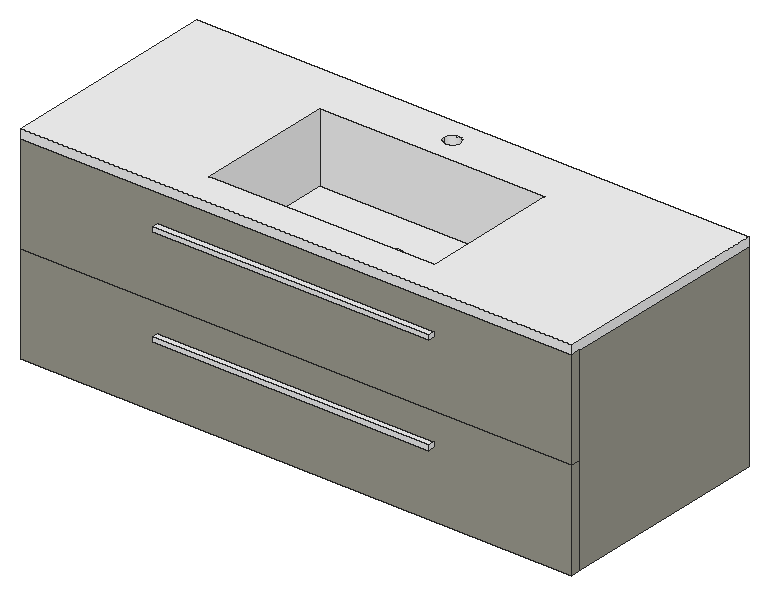
Revit family "MUEBLE SENSE 1200 BRUSHED GREY", category Generic Models, Revit 2019
Family settings
  Can host rebar = No
  Round Connector Dimension = Use Diameter
  Part Type = Normal
  Work Plane-Based = No
  Always vertical = Yes
  Cut with Voids When Loaded = No
  Shared = No
  Room Calculation Point = No
Parameters (values of type "ORANS Mueble Orlando Fume (MFC 034) 060,5cm ancho")
  URL = ""
  Profundidad receptáculo = 150 mm
  Prof lavamanos = 300 mm
  Prof borde cub trasero = 110 mm
  Model = ""
  Material tirador = Acero semi pulido
  Material frentes = BLANCO
  Material cubierta = Loza blanco brillo
  Material costados = BLANCO
  Manufacturer = ""
  Largo = 800 mm
  Largo receptáculo = if(Largo = 605 mm, 426 mm, 460 mm)  # 460 mm
  Description = ""
  Ancho tirador = 600 mm
  Ancho borde cub = 155 mm
  Ancho = 480 mm
  Amcho borde cub [instance] = 70 mm
  Alto [instance] = 450 mm
  ANCHO BORDE CUB [instance] = 70 mm
Types (12, lengths in mm): name | Prof lavamanos | Prof borde cub trasero | Material frentes | Material costados | Largo | Largo receptáculo | Ancho tirador | Ancho borde cub | Ancho | Alto
  ORANS Mueble Orlando Fume (MFC 034) 060,5cm ancho | 300 | 110 | BLANCO | BLANCO | 800 | 460 | 600 | 155 | 480 | 450
  ORANS Mueble Orlando Fume (MFC 034) 070,5cm ancho | 275 | 115 | Fume (MFC 034) horizontal | Fume (MFC 034) vertical | 705 | 460 | 250 | 70 | 465 | 570
  ORANS Mueble Orlando Fume (MFC 034) 080,5cm ancho | 275 | 115 | Fume (MFC 034) horizontal | Fume (MFC 034) vertical | 805 | 460 | 250 | 70 | 465 | 570
  ORANS Mueble Orlando Fume (MFC 034) 100,5cm ancho | 275 | 115 | Fume (MFC 034) horizontal | Fume (MFC 034) vertical | 1050 | 460 | 250 | 70 | 465 | 570
  ORANS Mueble Orlando Haya Light (MFC 030) 060,5cm ancho | 275 | 115 | Haya Light (MFC 030) horizontal | Haya Light (MFC 030) vertical | 605 | 426 | 250 | 70 | 465 | 570
  ORANS Mueble Orlando Haya Light (MFC 030) 070,5cm ancho | 275 | 115 | Haya Light (MFC 030) horizontal | Haya Light (MFC 030) vertical | 705 | 460 | 250 | 70 | 465 | 570
  ORANS Mueble Orlando Haya Light (MFC 030) 080,5cm ancho | 275 | 115 | Haya Light (MFC 030) horizontal | Haya Light (MFC 030) vertical | 805 | 460 | 250 | 70 | 465 | 570
  ORANS Mueble Orlando Haya Light (MFC 030) 100,5cm ancho | 275 | 115 | Haya Light (MFC 030) horizontal | Haya Light (MFC 030) vertical | 1050 | 460 | 250 | 70 | 465 | 570
  ORANS Mueble Orlando Oak 1 (MFC 005) 060,5cm ancho | 275 | 115 | Oak1 (MFC 005) horizontal | Oak1 (MFC 005) vertical | 605 | 426 | 250 | 70 | 465 | 570
  ORANS Mueble Orlando Oak 1 (MFC 005) 070,5cm ancho | 275 | 115 | Oak1 (MFC 005) horizontal | Oak1 (MFC 005) vertical | 705 | 460 | 250 | 70 | 465 | 570
  ORANS Mueble Orlando Oak 1 (MFC 005) 080,5cm ancho | 275 | 115 | Oak1 (MFC 005) horizontal | Oak1 (MFC 005) vertical | 805 | 460 | 250 | 70 | 465 | 570
  ORANS Mueble Orlando Oak 1 (MFC 005) 100,5cm ancho | 275 | 115 | Oak1 (MFC 005) horizontal | Oak1 (MFC 005) vertical | 1050 | 460 | 250 | 70 | 465 | 570
Reference planes
  plane 1 "Center (Front/Back)": y = 0
  plane 2: z = 0
  plane 3 "Center (Left/Right)": x = 0
  plane 4: z = 430
  plane 5: z = 450
  plane 6: z = 215
Forms (mm)
  Extrusion 1, solid, material "Loza blanco brillo" <- "Material cubierta"
    sketch origin (0, 0, 0) x (1, 0, 0) y (0, 1, 0)
      loop
        line (-600, -480) -> (600, -480) -> (600, 0) -> (-600, 0) -> (-600, -480)
      loop
        line (-245, -110) -> (-245, -410) -> (245, -410) -> (245, -110) -> (-245, -110)
      loop
        circle (0, -55) r 17.5
    from 430 to 450
  Extrusion 2, solid, material "Loza blanco brillo" <- "Material cubierta"
    sketch origin (0, 0, 0) x (1, 0, 0) y (0, 1, 0)
      loop
        line (-255, -100) -> (-255, -420) -> (255, -420) -> (255, -100) -> (-255, -100)
      loop
        circle (0, -220) r 22.5
    from 290 to 430
  Extrusion 3, void
    sketch origin (0, 0, 0) x (1, 0, 0) y (0, 1, 0)
      loop
        line (-245, -110) -> (-245, -410) -> (245, -410) -> (245, -110) -> (-245, -110)
    from 300 to 430
  Extrusion 4, solid, material "BLANCO" <- "Material costados"
    sketch origin (0, 0, 0) x (1, 0, 0) y (0, 1, 0)
      loop
        line (-600, 0) -> (-600, -460) -> (-589.693, -460) -> (-589.693, 0) -> (-600, 0)
    from 0 to 430
  Extrusion 5, solid, material "BLANCO" <- "Material costados"
    sketch origin (590, 0, 0) x (1, 0, 0) y (0, 1, 0)
      loop
        line (0, 0) -> (0, -460) -> (10, -460) -> (10, 0) -> (0, 0)
    from 0 to 430
  Extrusion 6, solid, material "BLANCO" <- "Material frentes"
    sketch origin (0, 0, 0) x (1, 0, 0) y (0, 0, 1)
      loop
        line (-600, 430) -> (-600, 215) -> (600, 215) -> (600, 430) -> (-600, 430)
    from 460 to 480
  Extrusion 7, solid, material "BLANCO" <- "Material frentes"
    sketch origin (0, 0, -200) x (1, 0, 0) y (0, 0, 1)
      loop
        line (-600, 415) -> (-600, 200) -> (600, 200) -> (600, 415) -> (-600, 415)
    from 460 to 480
  Extrusion 8, solid, material "Loza blanco brillo" <- "Material cubierta"
    sketch origin (0, 0, 0) x (1, 0, 0) y (0, 0, 1)
      loop
        line (-329.738, 300) -> (-329.738, 185) -> (335, 185) -> (335, 300) -> (-329.738, 300)
    from 450 to 460
  Extrusion 9, solid, material "Acero semi pulido"
    sketch origin (0, 0, 0) x (1, 0, 0) y (0, 0, 1)
      loop
        line (-300, 370) -> (-300, 360) -> (300, 360) -> (300, 370) -> (-300, 370)
    from 480 to 495.24
  Extrusion 10, solid, material "Acero semi pulido"
    sketch origin (0, 0, -215) x (1, 0, 0) y (0, 0, 1)
      loop
        line (-300, 370) -> (-300, 360) -> (300, 360) -> (300, 370) -> (-300, 370)
    from 480 to 495.24
  Extrusion 11, solid
    sketch origin (0, 0, 0) x (0, 1, 0) y (0, 0, 1)
      loop
        line (0, 430) -> (-20, 430) -> (-20, 20) -> (-460, 20) -> (-460, 0) -> (0, 0) -> (0, 430)
    from -589.693 to 590
Cuts and joins
  Extrusion 3 cuts Extrusion 2
  joined: Extrusion 1, Extrusion 2
Dimensions and locks
  locked: plane 5 to plane 4 at 20
  plane 5 to plane 4 = 20 mm
  "Alto": plane 5 to level
  locked: cut or joined group of Extrusion 1, Extrusion 2, Extrusion 3 to cut or joined group of Extrusion 1, Extrusion 2, Extrusion 3 at 140
  locked: cut or joined group of Extrusion 1, Extrusion 2, Extrusion 3 to cut or joined group of Extrusion 1, Extrusion 2, Extrusion 3 at 130
  equal spacing: plane 4, plane 6, level
  aligned and locked: Extrusion 1 sketch curve to plane 1 "Center (Front/Back)"
  aligned and locked: plane 5 to Extrusion 1
  aligned and locked: Extrusion 1 to plane 4
  aligned and locked: plane 4 to Extrusion 3
  aligned and locked: plane 3 "Center (Left/Right)" to Extrusion 1 sketch curve
  aligned and locked: plane 3 "Center (Left/Right)" to Extrusion 2 sketch curve
  aligned and locked: cut or joined group of Extrusion 1, Extrusion 2, Extrusion 3 to plane 1 "Center (Front/Back)"
  aligned and locked: cut or joined group of Extrusion 1, Extrusion 2, Extrusion 3 to plane 4
  aligned and locked: plane 4 to Extrusion 4
  aligned and locked: Extrusion 4 to plane 1 "Center (Front/Back)"
  aligned and locked: plane 4 to Extrusion 5
  aligned and locked: Extrusion 5 to level
  aligned and locked: Extrusion 5 to plane 4  (x2)
  aligned and locked: level to Extrusion 5  (x2)
  aligned and locked: Extrusion 4 to level
  aligned and locked: Extrusion 4 to plane 4  (x2)
  aligned and locked: plane 5 to cut or joined group of Extrusion 1, Extrusion 2, Extrusion 3
  aligned and locked: cut or joined group of Extrusion 1, Extrusion 2, Extrusion 3 to plane 5  (x2)
  aligned and locked: plane 4 to cut or joined group of Extrusion 1, Extrusion 2, Extrusion 3  (x2)
  aligned and locked: level to Extrusion 4
  aligned and locked: plane 6 to Extrusion 7
  aligned and locked: Extrusion 6 to plane 6
Automatic sketch dimensions
  plane 1 "Center (Front/Back)" to Extrusion 4 sketch curve = 0 mm
  plane 1 "Center (Front/Back)" to Extrusion 5 sketch curve = 0 mm
  Extrusion 6 sketch curve to plane 4 = 0 mm
  Extrusion 6 sketch curve to plane 6 = 0 mm
  Extrusion 7 sketch curve to level = 0 mm
  Extrusion 7 sketch curve to plane 6 = 0 mm
  Extrusion 8 sketch curve to plane 6 = 30 mm
  plane 6 to Extrusion 8 sketch curve = 85 mm
  Extrusion 9 sketch curve to plane 4 = 70 mm
  Extrusion 9 sketch curve to Extrusion 9 sketch curve = 10 mm
  Extrusion 10 sketch curve to plane 6 = 70 mm
  Extrusion 10 sketch curve to Extrusion 10 sketch curve = 10 mm
  Extrusion 1 sketch curve to plane 3 "Center (Left/Right)" = 245 mm
  Extrusion 1 sketch curve to Extrusion 1 sketch curve = 355 mm  (x2)
  plane 3 "Center (Left/Right)" to Extrusion 1 sketch curve = 245 mm
  Extrusion 2 sketch curve to plane 3 "Center (Left/Right)" = 255 mm
  plane 3 "Center (Left/Right)" to Extrusion 2 sketch curve = 255 mm
  Extrusion 3 sketch curve to plane 3 "Center (Left/Right)" = 245 mm
  plane 3 "Center (Left/Right)" to Extrusion 3 sketch curve = 245 mm
  Extrusion 4 sketch curve to plane 3 "Center (Left/Right)" = 600 mm
  Extrusion 4 sketch curve to Extrusion 4 sketch curve = 10.307 mm
  plane 3 "Center (Left/Right)" to Extrusion 5 sketch curve = 590 mm
  Extrusion 5 sketch curve to Extrusion 5 sketch curve = 10 mm
  Extrusion 6 sketch curve to plane 3 "Center (Left/Right)" = 600 mm
  plane 3 "Center (Left/Right)" to Extrusion 6 sketch curve = 600 mm
  Extrusion 7 sketch curve to plane 3 "Center (Left/Right)" = 600 mm
  plane 3 "Center (Left/Right)" to Extrusion 7 sketch curve = 600 mm
  Extrusion 8 sketch curve to plane 3 "Center (Left/Right)" = 329.738 mm
  plane 3 "Center (Left/Right)" to Extrusion 8 sketch curve = 335 mm
  Extrusion 9 sketch curve to plane 3 "Center (Left/Right)" = 300 mm
  plane 3 "Center (Left/Right)" to Extrusion 9 sketch curve = 300 mm
  Extrusion 10 sketch curve to plane 3 "Center (Left/Right)" = 300 mm
  plane 3 "Center (Left/Right)" to Extrusion 10 sketch curve = 300 mm
  plane 1 "Center (Front/Back)" to Extrusion 1 sketch curve = 55 mm
  plane 1 "Center (Front/Back)" to Extrusion 1 sketch curve = 110 mm
  Extrusion 1 sketch curve to Extrusion 1 sketch curve = 300 mm
  Extrusion 1 sketch curve to Extrusion 1 sketch curve = 70 mm
  plane 1 "Center (Front/Back)" to Extrusion 2 sketch curve = 420 mm
  plane 1 "Center (Front/Back)" to Extrusion 2 sketch curve = 220 mm
  plane 1 "Center (Front/Back)" to Extrusion 2 sketch curve = 100 mm
  plane 1 "Center (Front/Back)" to Extrusion 3 sketch curve = 410 mm
  plane 1 "Center (Front/Back)" to Extrusion 3 sketch curve = 110 mm
  plane 1 "Center (Front/Back)" to Extrusion 4 sketch curve = 460 mm
  plane 1 "Center (Front/Back)" to Extrusion 5 sketch curve = 460 mm
  Extrusion 11 sketch curve to level = 0 mm
  Extrusion 11 sketch curve to plane 4 = 0 mm
  Extrusion 11 sketch curve to plane 1 "Center (Front/Back)" = 0 mm
  plane 1 "Center (Front/Back)" to Extrusion 11 sketch curve = 20 mm
  Extrusion 11 sketch curve to Extrusion 11 sketch curve = 440 mm
  level to Extrusion 11 sketch curve = 20 mm
  radius of Extrusion 1 sketch curve = 17.5 mm
  radius of Extrusion 2 sketch curve = 22.5 mm
